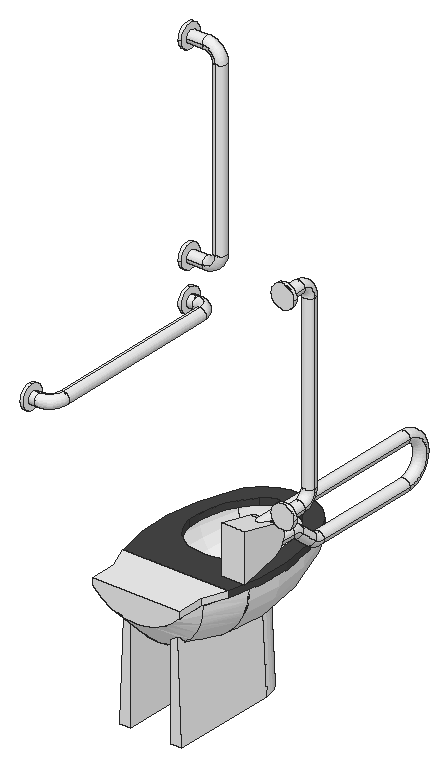
Revit family
Parameters (values of type "사용 불가능한 변기 배열")
  Manufacturer = ""
  Assembly Code = ""
  가시성 - 배치 선 = yes
  재료 난간 = 금속 - 화이트 분말 코팅
  재료 변기 = 플라스틱 - 검은색
  재료 변기/세면기 = 자기
  재료 탭 = 금속 - 크롬 광택
  Keynote = "N13"
Reference planes
  plane 1: y = 0
  plane 2 "중심(왼쪽/오른쪽)": x = 125
  plane 3 "뒤로": y = 75
  plane 4: x = -375
  plane 5: x = 1125
  plane 6: x = 445
  plane 7: x = 595
  plane 8: y = 925
  plane 9: y = 1425
  plane 10: z = 730
Lines and regions (mm)
  Masking region 1
    outline origin (0, 0, 0) x (1, 0, 0) y (0, 1, 0)
      loop
        line (257.482, 105) -> (257.482, 184.881)
        arc (257.482, 184.881) -> (308.349, 417.732) -> (257.482, 650.582) r 558.391
        arc (257.482, 650.582) -> (202.656, 710.008) -> (125, 732.521) r 150.624
        arc (125, 732.521) -> (47.344, 710.008) -> (-7.482, 650.582) r 150.624
        arc (-7.482, 650.582) -> (-58.349, 417.732) -> (-7.482, 184.881) r 558.391
        line (-7.482, 184.881) -> (-7.482, 105) -> (257.482, 105)
  Masking region 2
    outline origin (0, 0, 0) x (1, 0, 0) y (0, 1, 0)
      loop
        line (-375, 960) -> (-375, 890) -> (-365, 890) -> (-365, 907) -> (-345, 907)
        arc (-345, 907) -> (-328.143, 899.235) -> (-323.088, 881.376) r 22.18
        line (-323.088, 881.376) -> (-323.088, 366.376)
        arc (-323.088, 366.376) -> (-328.98, 349.941) -> (-345, 343) r 21.958
        line (-345, 343) -> (-365, 343) -> (-365, 360) -> (-375, 360) -> (-375, 290) -> (-365, 290) -> (-365, 307) -> (-345, 307)
        arc (-345, 307) -> (-303.973, 323.994) -> (-286.98, 365.02) r 58.02
        line (-286.98, 365.02) -> (-286.98, 874.018)
        arc (-286.98, 874.018) -> (-288.073, 890.651) -> (-291.335, 906.999) r 127.048
        line (-291.335, 906.999) -> (-275, 906.999)
        arc (-275, 906.999) -> (-256.999, 924.999) -> (-275, 943) r 18.001
        line (-275, 943) -> (-365, 943) -> (-365, 960) -> (-375, 960)
  Masking region 3
    outline origin (0, 0, 0) x (1, 0, 0) y (0, 1, 0)
      loop
        line (409.91, 75) -> (480.09, 75) -> (480.09, 221.43) -> (462.874, 221.43) -> (462.874, 787.695)
        arc (462.874, 787.695) -> (444.624, 805.074) -> (426.949, 787.109) r 17.967
        line (426.949, 787.109) -> (426.949, 221.43) -> (409.91, 221.43) -> (409.91, 75)
  Masking region 4
    outline origin (0, 0, 0) x (1, 0, 0) y (0, 1, 0)
      loop
        line (577, 85) -> (613, 85) -> (613, 175)
        arc (613, 175) -> (595, 193) -> (577, 175) r 18
        line (577, 175) -> (577, 85)
  Masking region 5
    outline origin (0, 0, 0) x (1, 0, 0) y (0, 1, 0)
      loop
        line (560, 85) -> (560, 75) -> (630, 75) -> (630, 85) -> (560, 85)
  symbolic lines
    curve 1: line (257.482, 105, 0) -> (-7.482, 105, 0)
    curve 2: line (-7.482, 105, 0) -> (-7.482, 184.881, 0)
    curve 3: arc (-7.482, 184.881, 0) -> (-58.349, 417.732, 0) -> (-7.482, 650.582, 0) r 558.391
    curve 4: arc (-7.482, 650.582, 0) -> (47.344, 710.008, 0) -> (125, 732.521, 0) r 150.624
    curve 5: arc (257.482, 650.582, 0) -> (202.656, 710.008, 0) -> (125, 732.521, 0) r 150.624
    curve 6: arc (257.482, 184.881, 0) -> (308.349, 417.732, 0) -> (257.482, 650.582, 0) r 558.391
    curve 7: line (257.482, 105, 0) -> (257.482, 184.881, 0)
    curve 8: line (-34.249, 255.455, 0) -> (284.249, 255.455, 0)
    curve 9: line (155.78, 447.78, 0) -> (94.22, 447.78, 0)
    curve 10: arc (69.475, 510.238, 0) -> (125, 551.188, 0) -> (180.526, 510.238, 0) r 58.12
    curve 11: arc (69.475, 510.238, 0) -> (68.709, 483.448, 0) -> (81.888, 460.112, 0) r 50
    curve 12: line (94.22, 447.78, 0) -> (81.888, 460.112, 0)
    curve 13: arc (180.525, 510.238, 0) -> (181.291, 483.448, 0) -> (168.112, 460.112, 0) r 50
    curve 14: line (155.78, 447.78, 0) -> (168.112, 460.112, 0)
    curve 15: arc (125, 357.221, 0) -> (208.195, 387.873, 0) -> (251.613, 465.177, 0) r 128.221
    curve 16: arc (251.613, 465.177, 0) -> (244.024, 566.604, 0) -> (191.602, 653.764, 0) r 219.88
    curve 17: arc (191.602, 653.764, 0) -> (161.05, 673.41, 0) -> (125, 677.852, 0) r 81.602
    curve 18: arc (58.398, 653.764, 0) -> (88.95, 673.41, 0) -> (125, 677.852, 0) r 81.602
    curve 19: arc (-1.613, 465.177, 0) -> (5.976, 566.604, 0) -> (58.398, 653.764, 0) r 219.88
    curve 20: arc (125, 357.221, 0) -> (41.805, 387.873, 0) -> (-1.613, 465.177, 0) r 128.221
    curve 21: line (-375, 960, 0) -> (-365, 960, 0)
    curve 22: line (-365, 960, 0) -> (-365, 943, 0)
    curve 23: line (-365, 943, 0) -> (-275.196, 943, 0)
    curve 24: line (-375, 960, 0) -> (-375, 890, 0)
    curve 25: line (-375, 890, 0) -> (-365, 890, 0)
    curve 26: line (-365, 890, 0) -> (-365, 907, 0)
    curve 27: line (-365, 907, 0) -> (-275.196, 907, 0)
    curve 28: arc (-345, 907, 0) -> (-328.143, 899.235, 0) -> (-323.088, 881.376, 0) r 22.18
    curve 29: arc (-291.336, 907, 0) -> (-287.243, 890.762, 0) -> (-286.98, 874.018, 0) r 72.601
    curve 30: line (-323.088, 881.376, 0) -> (-323.088, 366.376, 0)
    curve 31: arc (-323.088, 366.376, 0) -> (-328.98, 349.941, 0) -> (-345, 343, 0) r 21.958
    curve 32: line (-345, 343, 0) -> (-365, 343, 0)
    curve 33: line (-365, 343, 0) -> (-365, 360, 0)
    curve 34: line (-365, 360, 0) -> (-375, 360, 0)
    curve 35: line (-375, 360, 0) -> (-375, 290, 0)
    curve 36: line (-375, 290, 0) -> (-365, 290, 0)
    curve 37: line (-365, 290, 0) -> (-365, 307, 0)
    curve 38: line (-365, 307, 0) -> (-345, 307, 0)
    curve 39: arc (-345, 307, 0) -> (-303.973, 323.994, 0) -> (-286.98, 365.02, 0) r 58.02
    curve 40: line (-286.98, 365.02, 0) -> (-286.98, 874.018, 0)
    curve 41: arc (427, 207.427, 0) -> (429.245, 214.071, 0) -> (435.277, 217.648, 0) r 10.091
    curve 42: arc (435.277, 217.648, 0) -> (440.096, 218.568, 0) -> (445, 218.67, 0) r 29.272
    curve 43: arc (427, 207.427, 0) -> (427.639, 201.173, 0) -> (429.177, 195.078, 0) r 43.27
    curve 44: line (429.177, 195.078, 0) -> (434.901, 173.718, 0)
    curve 45: arc (434.901, 173.718, 0) -> (437.218, 168.855, 0) -> (440.114, 164.314, 0) r 43.797
    curve 46: arc (440.114, 164.314, 0) -> (442.258, 162.452, 0) -> (445, 161.715, 0) r 6.324
    curve 47: arc (434.901, 173.718, 0) -> (436.903, 168.503, 0) -> (439.945, 163.818, 0) r 26.721
    curve 48: arc (439.945, 163.818, 0) -> (442.108, 161.727, 0) -> (445, 160.9, 0) r 6.204
    curve 49: arc (454.723, 217.648, 0) -> (449.904, 218.568, 0) -> (445, 218.67, 0) r 29.272
    curve 50: arc (463, 207.427, 0) -> (460.755, 214.071, 0) -> (454.723, 217.648, 0) r 10.091
    curve 51: arc (463, 207.427, 0) -> (462.361, 201.173, 0) -> (460.823, 195.078, 0) r 43.27
    curve 52: line (460.823, 195.078, 0) -> (455.099, 173.718, 0)
    curve 53: arc (455.099, 173.718, 0) -> (453.097, 168.503, 0) -> (450.055, 163.818, 0) r 26.721
    curve 54: arc (449.886, 164.314, 0) -> (447.742, 162.452, 0) -> (445, 161.715, 0) r 6.324
    curve 55: arc (455.099, 173.718, 0) -> (453.097, 168.503, 0) -> (450.055, 163.818, 0) r 26.721
    curve 56: arc (450.055, 163.818, 0) -> (447.892, 161.727, 0) -> (445, 160.9, 0) r 6.204
    curve 57: arc (455.099, 173.718, 0) -> (452.782, 168.855, 0) -> (449.886, 164.314, 0) r 43.797
    curve 58: line (427, 207.427, 0) -> (427, 787.427, 0)
    curve 59: arc (427, 787.427, 0) -> (444.908, 805.335, 0) -> (462.816, 787.427, 0) r 17.908
    curve 60: line (462.816, 787.427, 0) -> (462.816, 207.427, 0)
    curve 61: arc (-275.196, 943, 0) -> (-257.196, 925, 0) -> (-275.196, 907, 0) r 18
    curve 62: line (409.91, 75, 0) -> (409.91, 221.43, 0)
    curve 63: line (409.91, 221.43, 0) -> (427, 221.43, 0)
    curve 64: line (462.816, 221.43, 0) -> (480.09, 221.43, 0)
    curve 65: line (480.09, 221.43, 0) -> (480.09, 75, 0)
Text (mm)
  text "측면 배치" at (-1787.139, 592.35, 0), in view "참조 레벨"
  text "측면 배치" at (0, 1827.695, 2917.686), in view "왼쪽"
  text "측면 배치" at (0, 562.268, 3853.606), in view "오른쪽"
Dimensions and locks
  locked: plane 3 "뒤로" to host wall at 0
  aligned and locked: plane 1 to host wall
  aligned and locked: nested 3 to plane 8
  aligned and locked: plane 4 to nested 3
  aligned and locked: nested 1 to host wall
  aligned and locked: plane 3 "뒤로" to Masking region 3 sketch curve
  aligned and locked: plane 3 "뒤로" to curve 62
  aligned and locked: plane 3 "뒤로" to curve 65
  aligned and locked: nested 2 to host wall
  aligned and locked: Masking region 4 sketch curve to nested 2
  aligned and locked: Masking region 5 sketch curve to nested 2
  aligned and locked: nested 2 to Masking region 5 sketch curve
Nested families
  nested 1: "그랩 난간 - 여닫이" at (1300.796, 75, 0), 재료 위생 용품 <- "재료 난간", type "화장실 그랩 난간"
    with 재료 위생 용품 금속 - 화이트 분말 코팅
  nested 2: "그랩 난간 - 수직" at (1450.796, 75, 0), 재료 위생 용품 <- "재료 난간", type "그랩 난간 수직"
    with 재료 위생 용품 금속 - 화이트 분말 코팅
  nested 3: "그랩 난간 - 수직" at (-375, 69.204, 0) x (0, -1, 0) z (0, 0, 1), 재료 위생 용품 <- "재료 난간", type "그랩 난간 수직"
    with 재료 위생 용품 금속 - 화이트 분말 코팅
  nested 4: "그랩 난간 - 수평" at (-375, -230.796, 0) x (0, -1, 0) z (0, 0, 1), 재료 위생 용품 <- "재료 난간", type "그랩 막대 수평"
    with 재료 위생 용품 금속 - 화이트 분말 코팅
  nested 5: "WC (6)" at (125, 105, 0) x (-1, 0, 0) z (0, 0, 1), System Name <- "Manufacturer", type "540 x 360mm"
Definition of nested family "그랩 난간 - 여닫이"
  Parameters (values of type "화장실 그랩 난간")
    재료 위생 용품 [instance] = 금속 - 화이트 분말 코팅
    Keynote = "N13"
    Assembly Code = ""
  Reference planes
    plane 1 "중심(앞/뒤)": y = 0
    plane 2: z = 0
    plane 3: x = -855.796
    plane 4: z = 700
    plane 5: y = 111.584
    plane 6: z = 680
    plane 7: z = 530
    plane 8: z = 594.133
    plane 9: through (0, 227.13, 594.133) normal (0, 0.6428, 0.766)
  Forms (mm)
    Extrusion 1, solid, material "금속 - 화이트 분말 코팅" <- "재료 위생 용품"
      sketch origin (-855.796, 721.997, 4020) x (0, 1, 0) y (0, 0, 1)
        loop
          line (-721.997, -3300.612) -> (-721.997, -3445.455) -> (-610.413, -3417.634)
          arc (-610.413, -3417.634) -> (-575.568, -3373.034) -> (-610.413, -3328.433) r 45.966
          line (-610.413, -3328.433) -> (-721.997, -3300.612)
      from -35.09 to 35.09
    Sweep 2, solid, material "금속 - 화이트 분말 코팅" <- "재료 위생 용품"
      path origin (-855.796, 721.997, 4000) x (0, 1, 0) y (0, 0, 1)
        loop
          line (-639.867, -3320) -> (-75, -3320)
          arc (-75, -3320) -> (-10, -3385) -> (-75, -3450) r 65
          line (-75, -3450) -> (-400.239, -3450)
          arc (-400.239, -3450) -> (-417.34, -3446.985) -> (-432.378, -3438.302) r 50
          line (-432.378, -3438.302) -> (-480.926, -3397.565)
          arc (-480.926, -3397.565) -> (-495.965, -3388.883) -> (-513.066, -3385.867) r 50
          line (-513.066, -3385.867) -> (-689.867, -3385.867)
      profile origin (-855.796, 364.564, 680) x (0, 0, 1) y (1, 0, 0)
        loop
          circle (0, 0) r 18
  Cuts and joins
    joined: Extrusion 1, Sweep 2
Definition of nested family "그랩 난간 - 수직"
  Parameters (values of type "그랩 난간 수직")
    재료 위생 용품 [instance] = 금속 - 화이트 분말 코팅
    Keynote = "N13"
    Assembly Code = ""
  Reference planes
    plane 1 "중심(앞/뒤)": y = 0
    plane 2: z = 0
    plane 3: x = -855.796
    plane 4: z = 680
    plane 5: z = 530
    plane 6: z = 594.133
    plane 7: through (0, 227.13, 594.133) normal (0, 0.6428, 0.766)
    plane 8: z = 800
    plane 9: z = 1400
    plane 10: y = 100
    plane 11: y = 10
  Forms (mm)
    Sweep 1, solid, material "금속 - 화이트 분말 코팅" <- "재료 위생 용품"
      path origin (-855.796, 721.997, 4000) x (0, 1, 0) y (0, 0, 1)
        loop
          line (-711.997, -2600) -> (-661.997, -2600)
          arc (-661.997, -2600) -> (-633.713, -2611.716) -> (-621.997, -2640) r 40
          line (-621.997, -2640) -> (-621.997, -3160)
          arc (-621.997, -3160) -> (-633.713, -3188.284) -> (-661.997, -3200) r 40
          line (-661.997, -3200) -> (-711.997, -3200)
      profile origin (-855.796, 35, 1400) x (0, 0, 1) y (1, 0, 0)
        loop
          circle (0, 0) r 18
    Extrusion 2, solid, material "금속 - 화이트 분말 코팅" <- "재료 위생 용품"
      sketch origin (0, 0, 0) x (1, 0, 0) y (0, 0, 1)
        loop
          circle (-855.796, 1400) r 35
        loop
          circle (-855.796, 800) r 35
      from 0 to -10
  Dimensions and locks
    plane 1 "중심(앞/뒤)" to plane 11 to plane 10 = 10 mm locked, 90 mm locked
    aligned and locked: Extrusion 2 to Sweep 1
    aligned and locked: plane 1 "중심(앞/뒤)" to Extrusion 2
Definition of nested family "그랩 난간 - 수평"
  Parameters (values of type "그랩 막대 수평")
    재료 위생 용품 [instance] = 금속 - 화이트 분말 코팅
    Keynote = "N13"
    Assembly Code = ""
  Reference planes
    plane 1 "중심(앞/뒤)": y = 0
    plane 2: z = 0
    plane 3: x = -855.796
    plane 4: through (0, 227.13, 594.133) normal (0, 0.6428, 0.766)
    plane 5: z = 680
    plane 6: y = 100
    plane 7: y = 10
  Forms (mm)
    Sweep 1, solid, material "금속 - 화이트 분말 코팅" <- "재료 위생 용품"
      path origin (-234.062, -422.744, 680) x (0, -1, 0) y (1, 0, 0)
        loop
          line (-432.744, -321.734) -> (-452.744, -321.734)
          arc (-452.744, -321.734) -> (-481.028, -333.449) -> (-492.744, -361.734) r 40
          line (-492.744, -361.734) -> (-492.744, -881.734)
          arc (-492.744, -881.734) -> (-481.028, -910.018) -> (-452.744, -921.734) r 40
          line (-452.744, -921.734) -> (-432.744, -921.734)
      profile origin (-555.796, 20, 680) x (-1, 0, 0) y (0, 0, 1)
        loop
          circle (0, 0) r 18
    Extrusion 2, solid, material "금속 - 화이트 분말 코팅" <- "재료 위생 용품"
      sketch origin (-1955.796, 0, -175.796) x (0, 0, -1) y (1, 0, 0)
        loop
          circle (-855.796, 1400) r 35
        loop
          circle (-855.796, 800) r 35
      from 0 to -10
  Dimensions and locks
    plane 1 "중심(앞/뒤)" to plane 7 to plane 6 = 10 mm locked, 90 mm locked
    aligned and locked: Extrusion 2 to Sweep 1
    aligned and locked: plane 1 "중심(앞/뒤)" to Extrusion 2
Definition of nested family "WC (6)"
  Parameters (values of type "540 x 360mm")
    재료 좌석 = 플라스틱 - 검은색
    재료 위생 용품 = 자기
    Manufacturer = "Revit"
    Keynote = "N13/110"
    Assembly Code = ""
  Reference planes
    plane 1 "중심(앞/뒤)": y = 0
    plane 2: z = 0
    plane 3 "중심(왼쪽/오른쪽)": x = 0
  Forms (mm)
    Revolve 1, solid, material "자기" <- "재료 위생 용품"
      sketch origin (0, -87.423, 390) x (1, 0, 0) y (0, 1, 0)
        loop
          arc (-174.247, -124.9) -> (-179.514, -290.639) -> (-135.875, -450.617) r 558.391
          arc (-135.875, -450.617) -> (-81.121, -515.376) -> (0, -540.098) r 150.021
          line (0, -540.098) -> (0, -520.097)
          arc (0, -520.097) -> (-70.198, -498.622) -> (-117.576, -442.547) r 130.021
          arc (-117.576, -442.547) -> (-159.862, -286.482) -> (-153.903, -124.9) r 538.391
          line (-153.903, -124.9) -> (-174.247, -124.9)
        axis (0, -540.098) -> (0, -124.9)
      angle from 0 to 180
    Extrusion 2, solid, material "플라스틱 - 검은색" <- "재료 좌석"
      sketch origin (0, -87.423, 410) x (1, 0, 0) y (0, 1, 0)
        loop
          arc (-135.875, -450.617) -> (-81.121, -515.376) -> (0, -540.098) r 150.021
          arc (0, -540.098) -> (81.121, -515.376) -> (135.875, -450.617) r 150.021
          arc (135.875, -450.617) -> (182.253, -260.283) -> (160.035, -65.644) r 558.391
          line (160.035, -65.644) -> (-160.035, -65.644)
          arc (-160.035, -65.644) -> (-182.253, -260.283) -> (-135.875, -450.617) r 558.391
        loop
          arc (0, -164.798) -> (-83.195, -195.45) -> (-126.613, -272.753) r 128.221
          arc (-126.613, -272.753) -> (-119.024, -374.181) -> (-66.602, -461.341) r 219.88
          arc (-66.602, -461.341) -> (-36.05, -480.987) -> (0, -485.429) r 81.602
          arc (0, -485.429) -> (36.05, -480.987) -> (66.602, -461.341) r 81.602
          arc (66.602, -461.341) -> (119.024, -374.181) -> (126.613, -272.753) r 219.88
          arc (126.613, -272.753) -> (115.473, -237.275) -> (94.621, -206.485) r 128.221
          arc (94.621, -206.485) -> (51.698, -175.681) -> (0, -164.798) r 128.221
      from -20 to 0
    Blend 3, solid, material "자기" <- "재료 위생 용품"
      base sketch origin (0, -212.324, 390) x (0, 0, -1) y (-1, 0, 0)
        loop
          line (0, 174.247) -> (0, -174.247)
          arc (0, -174.247) -> (174.247, 0) -> (0, 174.247) r 174.247
      top sketch origin (0, -212.324, 390) x (0, 0, -1) y (-1, 0, 0)
        loop
          line (0, 135.875) -> (0, -135.875)
          spline (0, -135.875) -> (37.529, -131.246) -> (72.5, -117.672) -> (102.53, -96.078) -> (125.574, -67.938) -> (140.059, -35.167) -> (145, 0) -> (140.059, 35.167) -> (125.574, 67.938) -> (102.53, 96.078) -> (72.5, 117.672) -> (37.529, 131.246) -> (0, 135.875)
      from 0 to 129.257
    Sweep 4, solid, material "자기" <- "재료 위생 용품"
      path origin (0, -87.423, 0) x (1, 0, 0) y (0, 1, 0)
        loop
          line (-81.095, 30.427) -> (-81.095, -289.573)
          arc (-81.095, -289.573) -> (0, -370.668) -> (81.095, -289.573) r 81.095
          line (81.095, -289.573) -> (81.095, 30.427)
      profile origin (0, -216.996, 0) x (1, 0, 0) y (0, 0, 1)
        loop
          line (-95, 0) -> (-61.095, 0) -> (-61.095, 325.717) -> (-81.095, 325.717) -> (-95, 0)
    Blend 5, solid, material "자기" <- "재료 위생 용품"
      base sketch origin (0, -83.067, 390) x (0, 0, -1) y (-1, 0, 0)
        loop
          arc (0, -135.875) -> (143.585, 0) -> (0, 135.875) r 136.082
          line (0, 135.875) -> (0, -135.875)
      top sketch origin (0, -83.067, 390) x (0, 0, -1) y (-1, 0, 0)
        loop
          arc (0, -132.482) -> (58.66, 0) -> (0, 132.482) r 178.934
          line (0, 132.482) -> (0, -132.482)
      from 0 to 83.067
    Revolve 6, void
      sketch origin (0, -87.423, 390) x (1, 0, 0) y (0, 1, 0)
        loop
          arc (-133.932, 4.356) -> (-183.344, -222.923) -> (-135.875, -450.617) r 558.391
          arc (-135.875, -450.617) -> (-81.121, -515.376) -> (0, -540.098) r 150.021
          line (0, -540.098) -> (0, 4.356) -> (-133.932, 4.356)
        axis (0, -540.098) -> (0, 4.356)
      angle from 0 to 180
    Extrusion 7, solid, material "자기" <- "재료 위생 용품"
      sketch origin (0, 75.451, 0) x (1, 0, 0) y (0, 1, 0)
        loop
          arc (-132.482, -155.332) -> (-147.059, -190.166) -> (-159.249, -225.906) r 558.391
          line (-159.249, -225.906) -> (159.249, -225.906)
          arc (159.249, -225.906) -> (147.059, -190.166) -> (132.482, -155.332) r 558.391
          line (132.482, -155.332) -> (132.482, -75.451) -> (0, -75.451) -> (-132.482, -75.451) -> (-132.482, -155.332)
      from 390 to 410
  Cuts and joins
    Revolve 6 cuts Sweep 4
    joined: Revolve 1, Blend 3, Sweep 4, Blend 5, Extrusion 7
  Lines and regions (mm)
    symbolic lines
      curve 1: line (-30.78, -342.78, 0) -> (30.78, -342.78, 0)
      curve 2: line (30.78, -342.78, 0) -> (43.112, -355.112, 0)
      curve 3: arc (43.112, -355.112, 0) -> (56.291, -378.448, 0) -> (55.525, -405.238, 0) r 50
      curve 4: arc (55.525, -405.238, 0) -> (0.001, -446.188, 0) -> (-55.525, -405.242, 0) r 58.12
      curve 5: arc (-55.525, -405.242, 0) -> (-56.292, -378.45, 0) -> (-43.113, -355.112, 0) r 50
      curve 6: line (-43.113, -355.112, 0) -> (-30.78, -342.78, 0)
      curve 7: arc (-132.482, -79.881, 0) -> (-183.334, -308.596, 0) -> (-135.875, -538.04, 0) r 558.391
      curve 8: arc (-135.875, -538.04, 0) -> (-81.121, -602.799, 0) -> (0, -627.521, 0) r 150.021
      curve 9: arc (0, -627.521, 0) -> (81.121, -602.799, 0) -> (135.875, -538.04, 0) r 150.021
      curve 10: arc (135.875, -538.04, 0) -> (183.334, -308.596, 0) -> (132.482, -79.881, 0) r 558.391
      curve 11: arc (-66.602, -548.764, 0) -> (-119.024, -461.604, 0) -> (-126.613, -360.177, 0) r 219.88
      curve 12: arc (-126.613, -360.177, 0) -> (-83.195, -282.873, 0) -> (0, -252.221, 0) r 128.221
      curve 13: arc (0, -252.221, 0) -> (51.698, -263.104, 0) -> (94.621, -293.908, 0) r 128.221
      curve 14: arc (94.621, -293.908, 0) -> (115.473, -324.698, 0) -> (126.613, -360.177, 0) r 128.221
      curve 15: arc (126.613, -360.177, 0) -> (119.024, -461.604, 0) -> (66.602, -548.764, 0) r 219.88
      curve 16: arc (66.602, -548.764, 0) -> (36.05, -568.41, 0) -> (0, -572.852, 0) r 81.602
      curve 17: arc (0, -572.852, 0) -> (-36.05, -568.41, 0) -> (-66.602, -548.764, 0) r 81.602
      curve 18: line (-132.482, 0, 0) -> (-132.482, -79.881, 0)
      curve 19: line (132.482, -79.881, 0) -> (132.482, 0, 0)
      curve 20: line (132.482, 0, 0) -> (-132.482, 0, 0)
      curve 21: line (-159.249, -150.455, 0) -> (159.249, -150.455, 0)
  Dimensions and locks
    aligned and locked: Extrusion 2 to Revolve 1
    aligned and locked: cut or joined group of Revolve 1, Blend 3, Sweep 4, Blend 5, Revolve 6, Extrusion 7 to Extrusion 7
    aligned and locked: Extrusion 7 to Extrusion 2
    aligned and locked: curve 18 to cut or joined group of Revolve 1, Blend 3, Sweep 4, Blend 5, Revolve 6, Extrusion 7
    aligned and locked: curve 19 to cut or joined group of Revolve 1, Blend 3, Sweep 4, Blend 5, Revolve 6, Extrusion 7
    aligned and locked: curve 20 to cut or joined group of Revolve 1, Blend 3, Sweep 4, Blend 5, Revolve 6, Extrusion 7
    aligned and locked: curve 21 to cut or joined group of Revolve 1, Blend 3, Sweep 4, Blend 5, Revolve 6, Extrusion 7
